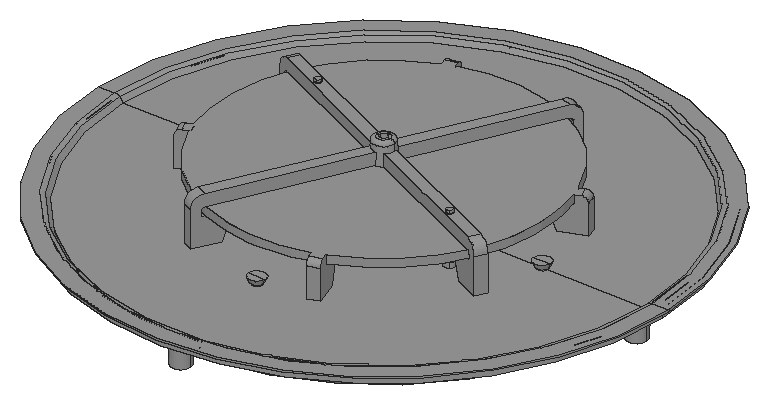
Revit family "MH-Primary_Updated", category Plumbing Fixtures, Revit 2020
Family settings
  Round Connector Dimension = Use Diameter
  Part Type = Normal
  OmniClass Number = 23.70.50.21.24.11
  OmniClass Title = Roof Waste Water Drains
  Work Plane-Based = No
  Always vertical = Yes
  Cut with Voids When Loaded = No
  Shared = No
  Room Calculation Point = No
Parameters (values of type "MH-301_3"Ø")
  r2 = (12.59843" - 11.14173") / 2  # 0.72835"
  od3 = 0.19497"
  od2 = od1 - 0.07874"  # 0.31496"
  od1 = 0.3937"
  max dia = 141/256"
  linearW = 3.54331"
  linearL = 1.65354"
  id3 = od3 / 2  # 0.09748"
  id1 = od1 / 2  # 0.19685"
  URL = "www.mifab.com"
  SC2 = SC1 / 1.5  # 0.11087"
  SC1 = 0.1663"
  RP2 = id1  # 0.19685"
  Model = "MH-401"
  Manufacturer = "MIFAB\r\n\r\nMIFAB\r\nMIFAB"
  Description = "3\" HydroMax Siphonic Overflow Roof Drain"
  Default Elevation = 0"
  C'1 = C' + 0.41339"  # 5.74803"
  C' = C / 2  # 5.33465"
  RP1 = od2 / 2  # 0.15748"
  R1 = 1.9685" / 9.375  # 0.20997"
  PIPE SIZE' = PIPE SIZE / 2  # 1 1/2"
  PIPE SIZE = 3"
  Material [instance] = Stainless Steel AISI 304
  D = 3.54331"
  C = 10.66929"
  B01 = B' - od1  # 8.52362"
  B' = B / 2  # 8.91732"
  B = 17.83465"
  A' = A / 2  # 9.68504"
  A = 19.37008"
Types (5): name | od3 | od2 | od1 | max dia | linearW | linearL | id3 | id1 | RP2 | Model | Description | C'1 | C' | RP1 | PIPE SIZE' | PIPE SIZE | D | C | B01 | B' | B | A' | A
  (no name) | 0.19497" | 0.31496" | 0.3937" | 141/256" | 3.54331" | 1.65354" | 0.09748" | 0.19685" | 0.19685" | "MH-401" | "3\" HydroMax Siphonic Overflow Roof Drain" | 5.74803" | 5.33465" | 0.15748" | 1 1/2" | 3" | 3.54331" | 10.66929" | 8.52362" | 8.91732" | 17.83465" | 9.68504" | 19.37008"
  MH-301_3"Ø | 0.19497" | 0.31496" | 0.3937" | 141/256" | 3.54331" | 1.65354" | 0.09748" | 0.19685" | 0.19685" | "MH-401" | "3\" HydroMax Siphonic Overflow Roof Drain" | 5.74803" | 5.33465" | 0.15748" | 1 1/2" | 3" | 3.54331" | 10.66929" | 8.52362" | 8.91732" | 17.83465" | 9.68504" | 19.37008"
  MH-401_4"Ø | 0.19497" | 0.3937" | 0.47244" | 141/256" | 3.93701" | 1.83071" | 0.09748" | 0.23622" | 0.23622" | "MH-401" | "4\" HydroMax Siphonic Overflow Roof Drain" | 6.51575" | 6.10236" | 0.19685" | 2" | 4" | 4.33071" | 12.20472" | 8.44488" | 8.91732" | 17.83465" | 9.68504" | 19.37008"
  MH-601_6"Ø | 0.27559" | 0.47244" | 0.55118" | 1 17/64" | 5.51181" | 2.55906" | 0.1378" | 0.27559" | 0.27559" | "MH-601" | "6\" HydroMax Siphonic Overflow Roof Drain" | 8.18898" | 7.77559" | 0.23622" | 3" | 6" | 4.72441" | 15.55118" | 10.59055" | 11.14173" | 22.28346" | 12.59843" | 25.19685"
  MH-501_5"Ø | 0.19497" | 0.3937" | 0.47244" | 141/256" | 3.93701" | 1.83071" | 0.09748" | 0.23622" | 0.23622" | "MH-501" | "5\" HydroMax Siphonic Overflow Roof Drain" | 6.51575" | 6.10236" | 0.19685" | 2 1/2" | 5" | 4.33071" | 12.20472" | 8.44488" | 8.91732" | 17.83465" | 9.68504" | 19.37008"
Reference planes (in)
  plane 1 "Center (Front/Back)": y = 0
  plane 2: z = 0
  plane 3 "Center (Left/Right)": x = 0
  plane 4: x = -8.91732
  plane 5: x = -1.5
  plane 6: z = -3.54331
  plane 7: x = -10.67639
  plane 8 "30.16": z = -1.1874
  plane 9: y = 8.91732
  plane 10: y = -8.91732
  plane 11: x = 8.91732
  plane 12: y = 8.52362
  plane 13: y = -8.52362
  plane 14: x = -8.52362
  plane 15: x = 8.52362
  plane 16: z = -1.50236
  plane 17: x = 5.33465
  plane 18: x = -5.33465
  plane 19: y = 5.33465
  plane 20: y = -5.33465
  plane 21: through (-3.9624, 1.85193, 47.24409) normal (0.4226, 0.9063, 0)
  plane 22: through (1.68821, 3.64509, 47.24409) normal (0.9063, -0.4226, 0)
  plane 23: through (0.00098, -0.00221, 47.24409) normal (0.342, -0.9397, 0)
  plane 24: through (0, 0, 47.24409) normal (0.9397, 0.342, 0)
  plane 25: x = 3.54331
  plane 26: y = -1.65354
  plane 27: through (27.53366, 1.85193, 47.24409) normal (0.4226, 0.9063, 0)
  plane 28: through (31.50514, 0, 47.24409) normal (-0.9063, 0.4226, 0)
  plane 29: z = 2.02323
Forms (in)
  Revolve 1, solid, material "Stainless Steel AISI 304" <- "Material"
    sketch origin (0, 0, 0) x (1, 0, 0) y (0, 0, 1)
      loop
        line (-1.5, -3.54331) -> (-1.38189, -3.54331) -> (-1.38189, -1.69291)
        arc (-1.38189, -1.69291) -> (-1.66812, -0.99713) -> (-2.36298, -0.70866) r 0.98109
        line (-2.36298, -0.70866) -> (-8.46127, -0.70866) -> (-8.86685, -0.1456)
        arc (-8.86685, -0.1456) -> (-8.99458, -0.06025) -> (-9.14524, -0.03028) r 0.3937
        line (-9.14524, -0.03028) -> (-9.37992, -0.03028) -> (-9.37992, -0.30588) -> (-9.22244, -0.30588)
        arc (-9.22244, -0.30588) -> (-9.06988, -0.23141) -> (-8.91732, -0.30588) r 0.19351
        line (-8.91732, -0.30588) -> (-8.50725, -0.82677) -> (-2.48425, -0.82677)
        arc (-2.48425, -0.82677) -> (-1.78828, -1.11505) -> (-1.5, -1.81102) r 0.98425
        line (-1.5, -1.81102) -> (-1.5, -3.54331)
      axis (0, -0.03028) -> (0, -3.54331)
    angle from 0 to 360
  Extrusion 2, void
    sketch origin (0, 0, 0) x (1, 0, 0) y (0, 1, 0)
      loop
        circle (0, 8.52362) r 0.19685
      loop
        circle (8.52362, 0) r 0.19685
      loop
        circle (-8.52362, 0) r 0.19685
      loop
        circle (0, -8.52362) r 0.19685
    from -1.9685 to -0.82677
  Revolve 3, solid, material "Stainless Steel AISI 304" <- "Material"
    sketch origin (0, 0, 0) x (1, 0, 0) y (0, 0, 1)
      loop
        line (-9.5889, -0.03028) -> (-9.03812, -0.03028)
        arc (-9.03812, -0.03028) -> (-8.97477, -0.04007) -> (-8.91732, -0.06851) r 0.20997
        line (-8.91732, -0.06851) -> (-8.80162, -0.22777) -> (0, -0.22777) -> (0, -0.1884) -> (-8.78156, -0.1884) -> (-8.88876, -0.04085)
        arc (-8.88876, -0.04085) -> (-8.95941, -0.00387) -> (-9.03812, 0.00889) r 0.24915
        line (-9.03812, 0.00889) -> (-9.5889, 0.00889) -> (-9.5889, -0.03028)
      axis (0, -0.22777) -> (0, 0.00889)
    angle from 0 to 360
  Revolve 4, void
    sketch origin (0, 0, 0) x (1, 0, 0) y (0, 0, 1)
      loop
        line (-5.33465, 0.00889) -> (-5.69075, 0.00889)
        arc (-5.69075, 0.00889) -> (-5.6605, -0.02595) -> (-5.64961, -0.07078) r 0.09771
        line (-5.64961, -0.07078) -> (-5.64961, -0.30588) -> (-5.33465, -0.30588) -> (-5.33465, 0.00889)
      axis (-5.33465, 0.00889) -> (-5.33465, -0.30588)
    angle from 0 to 360
  Revolve 5, void
    sketch origin (0, 0, 0) x (-1, 0, 0) y (0, 0, 1)
      loop
        line (-5.33465, 0.00889) -> (-5.69075, 0.00889)
        arc (-5.69075, 0.00889) -> (-5.6605, -0.02595) -> (-5.64961, -0.07078) r 0.09771
        line (-5.64961, -0.07078) -> (-5.64961, -0.30588) -> (-5.33465, -0.30588) -> (-5.33465, 0.00889)
      axis (-5.33465, 0.00889) -> (-5.33465, -0.30588)
    angle from 0 to 360
  Revolve 6, void
    sketch origin (-3.64173, -5.33465, 0) x (-1, 0, 0) y (0, 0, 1)
      loop
        line (-3.64173, 0.00889) -> (-4.03721, 0.00889)
        arc (-4.03721, 0.00889) -> (-4.00696, -0.02595) -> (-3.99606, -0.07078) r 0.09771
        line (-3.99606, -0.07078) -> (-3.99606, -0.30588) -> (-3.64173, -0.30588) -> (-3.64173, 0.00889)
      axis (-3.64173, 0.00889) -> (-3.64173, -0.30588)
    angle from 0 to 360
  Revolve 7, void
    sketch origin (-3.64173, 5.33465, 0) x (-1, 0, 0) y (0, 0, 1)
      loop
        line (-3.64173, 0.00889) -> (-4.03721, 0.00889)
        arc (-4.03721, 0.00889) -> (-4.00696, -0.02595) -> (-3.99606, -0.07078) r 0.09771
        line (-3.99606, -0.07078) -> (-3.99606, -0.30588) -> (-3.64173, -0.30588) -> (-3.64173, 0.00889)
      axis (-3.64173, 0.00889) -> (-3.64173, -0.30588)
    angle from 0 to 360
  Revolve 8, solid, material "Stainless Steel AISI 304" <- "Material"
    sketch origin (0, 0, 0) x (1, 0, 0) y (0, 0, 1)
      loop
        line (-5.61182, 0.00889) -> (-5.54483, -0.13565) -> (-5.50095, -0.13565) -> (-5.50095, -1.07116) -> (-5.46408, -1.10803) -> (-5.45193, -1.15338) -> (-5.41791, -1.1874) -> (-5.33465, -1.1874) -> (-5.33465, 0.00889) -> (-5.61182, 0.00889)
      axis (-5.33465, -1.1874) -> (-5.33465, 0.00889)
    angle from 0 to 360
  Revolve 9, solid, material "Stainless Steel AISI 304" <- "Material"
    sketch origin (0, 0, 0) x (-1, 0, 0) y (0, 0, 1)
      loop
        line (-5.61182, 0.00889) -> (-5.54483, -0.13565) -> (-5.50095, -0.13565) -> (-5.50095, -1.07116) -> (-5.46408, -1.10803) -> (-5.45193, -1.15338) -> (-5.41791, -1.1874) -> (-5.33465, -1.1874) -> (-5.33465, 0.00889) -> (-5.61182, 0.00889)
      axis (-5.33465, -1.1874) -> (-5.33465, 0.00889)
    angle from 0 to 360
  Revolve 10, solid, material "Stainless Steel AISI 304" <- "Material"
    sketch origin (-3.64173, -5.33465, 0) x (-1, 0, 0) y (0, 0, 1)
      loop
        line (-3.91891, 0.00889) -> (-3.85191, -0.13565) -> (-3.80804, -0.13565) -> (-3.80804, -1.07116) -> (-3.77117, -1.10803) -> (-3.75901, -1.15338) -> (-3.725, -1.1874) -> (-3.64173, -1.1874) -> (-3.64173, 0.00889) -> (-3.91891, 0.00889)
      axis (-3.64173, -1.1874) -> (-3.64173, 0.00889)
    angle from 0 to 360
  Revolve 11, solid, material "Stainless Steel AISI 304" <- "Material"
    sketch origin (-3.64173, 5.33465, 0) x (-1, 0, 0) y (0, 0, 1)
      loop
        line (-3.91891, 0.00889) -> (-3.85191, -0.13565) -> (-3.80804, -0.13565) -> (-3.80804, -1.07116) -> (-3.77117, -1.10803) -> (-3.75901, -1.15338) -> (-3.725, -1.1874) -> (-3.64173, -1.1874) -> (-3.64173, 0.00889) -> (-3.91891, 0.00889)
      axis (-3.64173, -1.1874) -> (-3.64173, 0.00889)
    angle from 0 to 360
  Revolve 12, solid, material "Stainless Steel AISI 304" <- "Material"
    sketch origin (0, 0, 0) x (0, -1, 0) y (0, 0, 1)
      loop
        line (-5.64402, -1.50493) -> (-5.33465, -1.50493) -> (-5.33465, -0.82677) -> (-5.78802, -0.82677)
        arc (-5.78802, -0.82677) -> (-5.7449, -0.85705) -> (-5.72835, -0.90707) r 0.08386
        line (-5.72835, -0.90707) -> (-5.68154, -1.47078)
        arc (-5.68154, -1.47078) -> (-5.66939, -1.49511) -> (-5.64402, -1.50493) r 0.03769
      axis (-5.33465, -1.50493) -> (-5.33465, -0.82677)
    angle from 0 to 360
  Revolve 13, solid, material "Stainless Steel AISI 304" <- "Material"
    sketch origin (5.33465, -7.77559, 0) x (0, -1, 0) y (0, 0, 1)
      loop
        line (-8.08496, -1.50493) -> (-7.77559, -1.50493) -> (-7.77559, -0.82677) -> (-8.22896, -0.82677)
        arc (-8.22896, -0.82677) -> (-8.18584, -0.85705) -> (-8.16929, -0.90707) r 0.08386
        line (-8.16929, -0.90707) -> (-8.12249, -1.47078)
        arc (-8.12249, -1.47078) -> (-8.11033, -1.49511) -> (-8.08496, -1.50493) r 0.03769
      axis (-7.77559, -1.50493) -> (-7.77559, -0.82677)
    angle from 0 to 360
  Revolve 14, solid, material "Stainless Steel AISI 304" <- "Material"
    sketch origin (0, 0, 0) x (1, 0, 0) y (0, 0, 1)
      loop
        arc (8.85568, -0.42226) -> (8.87954, -0.36038) -> (8.91732, -0.30588) r 0.27909
        line (8.91732, -0.30588) -> (8.52362, -0.30588) -> (8.52362, -1.1874) -> (8.83858, -1.1874) -> (8.85568, -0.42226)
      axis (8.52362, -1.1874) -> (8.52362, -0.30588)
    angle from 0 to 360
  Revolve 15, solid, material "Stainless Steel AISI 304" <- "Material"
    sketch origin (0, 0, 0) x (-1, 0, 0) y (0, 0, 1)
      loop
        arc (8.85129, -0.42524) -> (8.87699, -0.36204) -> (8.91732, -0.30702) r 0.27767
        line (8.91732, -0.30702) -> (8.52362, -0.30702) -> (8.52362, -1.30551) -> (8.83858, -1.30551) -> (8.85129, -0.42524)
      axis (8.52362, -1.30551) -> (8.52362, -0.30702)
    angle from 0 to 360
  Extrusion 16, solid, material "Stainless Steel AISI 304" <- "Material"
    sketch origin (-1.52233, 1.38829, 0) x (-0.422618, -0.906308, 0) y (0, 0, -1)
      loop
        line (-5.13701, -0.00889) -> (-5.13701, -1.18999)
        arc (-5.13701, -1.18999) -> (-5.0217, -1.46838) -> (-4.74331, -1.58369) r 0.3937
        line (-4.74331, -1.58369) -> (-3.71723, -1.58369)
        arc (-3.71723, -1.58369) -> (-3.67463, -1.56128) -> (-3.66897, -1.51347) r 0.05169
        line (-3.66897, -1.51347) -> (-3.74878, -1.30555)
        arc (-3.74878, -1.30555) -> (-3.81355, -1.2234) -> (-3.91346, -1.19237) r 0.1764
        line (-3.91346, -1.19237) -> (-4.7274, -1.19237)
        arc (-4.7274, -1.19237) -> (-4.82272, -1.15289) -> (-4.8622, -1.05757) r 0.1348
        line (-4.8622, -1.05757) -> (-4.8622, -0.92777) -> (-4.02904, -0.92777)
        arc (-4.02904, -0.92777) -> (-3.95244, -0.88747) -> (-3.94226, -0.80151) r 0.09295
        line (-3.94226, -0.80151) -> (-4.24652, -0.00889) -> (-5.13701, -0.00889)
    from 1.76357 to 2.14838
  Extrusion 17, solid, material "Stainless Steel AISI 304" <- "Material"
    sketch origin (1.37256, 1.52238, 0) x (-0.906308, 0.422618, 0) y (0, 0, -1)
      loop
        line (-5.13701, -0.00889) -> (-5.13701, -1.18999)
        arc (-5.13701, -1.18999) -> (-5.0217, -1.46838) -> (-4.74331, -1.58369) r 0.3937
        line (-4.74331, -1.58369) -> (-3.71723, -1.58369)
        arc (-3.71723, -1.58369) -> (-3.67463, -1.56128) -> (-3.66897, -1.51347) r 0.05169
        line (-3.66897, -1.51347) -> (-3.74878, -1.30555)
        arc (-3.74878, -1.30555) -> (-3.81355, -1.2234) -> (-3.91346, -1.19237) r 0.1764
        line (-3.91346, -1.19237) -> (-4.7274, -1.19237)
        arc (-4.7274, -1.19237) -> (-4.82272, -1.15289) -> (-4.8622, -1.05757) r 0.1348
        line (-4.8622, -1.05757) -> (-4.8622, -0.92777) -> (-4.02904, -0.92777)
        arc (-4.02904, -0.92777) -> (-3.95244, -0.88747) -> (-3.94226, -0.80151) r 0.09295
        line (-3.94226, -0.80151) -> (-4.24652, -0.00889) -> (-5.13701, -0.00889)
    from 1.76357 to 2.14838
  Extrusion 18, solid, material "Stainless Steel AISI 304" <- "Material"
    sketch origin (0.26502, 2.03883, 0) x (0.906308, -0.422618, 0) y (0, 0, 1)
      loop
        line (-5.13701, 0.00889) -> (-4.24652, 0.00889) -> (-3.94226, 0.80151)
        arc (-3.94226, 0.80151) -> (-3.95244, 0.88747) -> (-4.02904, 0.92777) r 0.09295
        line (-4.02904, 0.92777) -> (-4.8622, 0.92777) -> (-4.8622, 1.05757)
        arc (-4.8622, 1.05757) -> (-4.82272, 1.15289) -> (-4.7274, 1.19237) r 0.1348
        line (-4.7274, 1.19237) -> (-3.91346, 1.19237)
        arc (-3.91346, 1.19237) -> (-3.81355, 1.2234) -> (-3.74878, 1.30555) r 0.1764
        line (-3.74878, 1.30555) -> (-3.66897, 1.51347)
        arc (-3.66897, 1.51347) -> (-3.67463, 1.56128) -> (-3.71723, 1.58369) r 0.05169
        line (-3.71723, 1.58369) -> (-4.74331, 1.58369)
        arc (-4.74331, 1.58369) -> (-5.0217, 1.46838) -> (-5.13701, 1.18999) r 0.3937
        line (-5.13701, 1.18999) -> (-5.13701, 0.00889)
    from 1.76357 to 2.14838
  Extrusion 19, solid, material "Stainless Steel AISI 304" <- "Material"
    sketch origin (0.09564, -2.04927, 0) x (0.939693, 0.34202, 0) y (0, 0, -1)
      loop
        line (-5.13701, -0.00889) -> (-5.13701, -0.99552)
        arc (-5.13701, -0.99552) -> (-5.07936, -1.13472) -> (-4.94016, -1.19237) r 0.19685
        line (-4.94016, -1.19237) -> (-4.59944, -1.19237)
        arc (-4.59944, -1.19237) -> (-4.69476, -1.15289) -> (-4.73424, -1.05757) r 0.1348
        line (-4.73424, -1.05757) -> (-4.73424, -0.92777) -> (-4.02904, -0.92777)
        arc (-4.02904, -0.92777) -> (-3.95244, -0.88747) -> (-3.94226, -0.80151) r 0.09295
        line (-3.94226, -0.80151) -> (-4.24652, -0.00889) -> (-5.13701, -0.00889)
    from 1.76357 to 2.14838
  Extrusion 20, solid, material "Stainless Steel AISI 304" <- "Material"
    sketch origin (-2.03878, 0.28075, 0) x (0.422618, 0.906308, 0) y (0, 0, 1)
      loop
        line (-5.13701, 0.00889) -> (-4.24652, 0.00889) -> (-3.94226, 0.80151)
        arc (-3.94226, 0.80151) -> (-3.95244, 0.88747) -> (-4.02904, 0.92777) r 0.09295
        line (-4.02904, 0.92777) -> (-4.8622, 0.92777) -> (-4.8622, 1.05757)
        arc (-4.8622, 1.05757) -> (-4.82272, 1.15289) -> (-4.7274, 1.19237) r 0.1348
        line (-4.7274, 1.19237) -> (-3.91346, 1.19237)
        arc (-3.91346, 1.19237) -> (-3.81355, 1.2234) -> (-3.74878, 1.30555) r 0.1764
        line (-3.74878, 1.30555) -> (-3.66897, 1.51347)
        arc (-3.66897, 1.51347) -> (-3.67463, 1.56128) -> (-3.71723, 1.58369) r 0.05169
        line (-3.71723, 1.58369) -> (-4.74331, 1.58369)
        arc (-4.74331, 1.58369) -> (-5.0217, 1.46838) -> (-5.13701, 1.18999) r 0.3937
        line (-5.13701, 1.18999) -> (-5.13701, 0.00889)
    from 1.76357 to 2.14838
  Extrusion 21, solid, material "Stainless Steel AISI 304" <- "Material"
    sketch origin (-0.00697, 0.00917, 0) x (0.707107, 0.707107, 0) y (-0.707107, 0.707107, 0)
      loop
        circle (-0.00338, -0.01323) r 5.33465
    from 0.92777 to 1.19237
  Revolve 22, solid, material "Stainless Steel AISI 304" <- "Material"
    sketch origin (0, 0, 0) x (0, 1, 0) y (0, 0, 1)
      loop
        line (-5.64402, -1.50107) -> (-5.33465, -1.50107) -> (-5.33465, -0.82677) -> (-5.78802, -0.82677)
        arc (-5.78802, -0.82677) -> (-5.7449, -0.85705) -> (-5.72835, -0.90707) r 0.08386
        line (-5.72835, -0.90707) -> (-5.68163, -1.46575)
        arc (-5.68163, -1.46575) -> (-5.66982, -1.49085) -> (-5.64402, -1.50107) r 0.03769
      axis (-5.33465, -1.50107) -> (-5.33465, -0.82677)
    angle from 0 to 360
  Extrusion 23, solid, material "Stainless Steel AISI 304" <- "Material"
    sketch origin (0, 0, 0) x (1, 0, 0) y (0, 1, 0)
      loop
        line (-4.32895, 2.23516) -> (-4.49158, 1.88639) -> (4.31327, -2.21938) -> (4.4759, -1.87062) -> (-4.32895, 2.23516)
    from 1.19237 to 1.58369
  Extrusion 24, solid, material "Stainless Steel AISI 304" <- "Material"
    sketch origin (0.00005, 0.01573, 0) x (0, 1, 0) y (-1, 0, 0)
      loop
        line (4.31327, -2.21938) -> (4.4759, -1.87062) -> (-4.32895, 2.23516) -> (-4.49158, 1.88639) -> (4.31327, -2.21938)
    from 1.19237 to 1.58369
  Extrusion 25, solid, material "Stainless Steel AISI 304" <- "Material"
    sketch origin (2.04782, 0.09254, 0) x (-0.34202, 0.939693, 0) y (0, 0, -1)
      loop
        line (-5.13701, -0.00889) -> (-5.13701, -0.99552)
        arc (-5.13701, -0.99552) -> (-5.07936, -1.13472) -> (-4.94016, -1.19237) r 0.19685
        line (-4.94016, -1.19237) -> (-4.59944, -1.19237)
        arc (-4.59944, -1.19237) -> (-4.69476, -1.15289) -> (-4.73424, -1.05757) r 0.1348
        line (-4.73424, -1.05757) -> (-4.73424, -0.92777) -> (-4.02904, -0.92777)
        arc (-4.02904, -0.92777) -> (-3.95244, -0.88747) -> (-3.94226, -0.80151) r 0.09295
        line (-3.94226, -0.80151) -> (-4.24652, -0.00889) -> (-5.13701, -0.00889)
    from 1.76357 to 2.14838
  Extrusion 26, solid, material "Stainless Steel AISI 304" <- "Material"
    sketch origin (1.62986, 1.24088, 0) x (0.34202, -0.939693, 0) y (0, 0, 1)
      loop
        line (-5.13701, 0.00889) -> (-4.24652, 0.00889) -> (-3.94226, 0.80151)
        arc (-3.94226, 0.80151) -> (-3.95244, 0.88747) -> (-4.02904, 0.92777) r 0.09295
        line (-4.02904, 0.92777) -> (-4.73424, 0.92777) -> (-4.73424, 1.05757)
        arc (-4.73424, 1.05757) -> (-4.69476, 1.15289) -> (-4.59944, 1.19237) r 0.1348
        line (-4.59944, 1.19237) -> (-4.94016, 1.19237)
        arc (-4.94016, 1.19237) -> (-5.07936, 1.13472) -> (-5.13701, 0.99552) r 0.19685
        line (-5.13701, 0.99552) -> (-5.13701, 0.00889)
    from 1.76357 to 2.14838
  Extrusion 27, solid, material "Stainless Steel AISI 304" <- "Material"
    sketch origin (1.24398, -1.6313, 0) x (-0.939693, -0.34202, 0) y (0, 0, 1)
      loop
        line (-5.13701, 0.00889) -> (-4.24652, 0.00889) -> (-3.94226, 0.80151)
        arc (-3.94226, 0.80151) -> (-3.95244, 0.88747) -> (-4.02904, 0.92777) r 0.09295
        line (-4.02904, 0.92777) -> (-4.73424, 0.92777) -> (-4.73424, 1.05757)
        arc (-4.73424, 1.05757) -> (-4.69476, 1.15289) -> (-4.59944, 1.19237) r 0.1348
        line (-4.59944, 1.19237) -> (-4.94016, 1.19237)
        arc (-4.94016, 1.19237) -> (-5.07936, 1.13472) -> (-5.13701, 0.99552) r 0.19685
        line (-5.13701, 0.99552) -> (-5.13701, 0.00889)
    from 1.76357 to 2.14838
  Revolve 28, solid, material "Stainless Steel AISI 304" <- "Material"
    sketch origin (-5.33465, -7.77559, 0) x (0, -1, 0) y (0, 0, 1)
      loop
        line (-8.08496, -1.50493) -> (-7.77559, -1.50493) -> (-7.77559, -0.82677) -> (-8.22896, -0.82677)
        arc (-8.22896, -0.82677) -> (-8.18584, -0.85705) -> (-8.16929, -0.90707) r 0.08386
        line (-8.16929, -0.90707) -> (-8.12249, -1.47078)
        arc (-8.12249, -1.47078) -> (-8.11033, -1.49511) -> (-8.08496, -1.50493) r 0.03769
      axis (-7.77559, -1.50493) -> (-7.77559, -0.82677)
    angle from 0 to 360
  Revolve 29, solid, material "Stainless Steel AISI 304" <- "Material"
    sketch origin (0, 0, 0) x (1, 0, 0) y (0, 0, 1)
      loop
        line (-0.1378, 1.89029) -> (-0.22757, 1.89029)
        arc (-0.22757, 1.89029) -> (-0.31424, 1.85615) -> (-0.35435, 1.77207) r 0.12709
        line (-0.35435, 1.77207) -> (-0.41339, 0.92777) -> (-0.1378, 0.92777) -> (-0.1378, 1.89029)
      axis (0, 0.92777) -> (0, 1.89029)
    angle from 0 to 360
  Extrusion 30, solid, material "Stainless Steel AISI 304" <- "Material"
    sketch origin (0, 0, 0) x (1, 0, 0) y (0, 1, 0)
      loop
        circle (-3.54331, 1.65354) r 0.11087
    from 0 to 1.58369
  Extrusion 31, solid, material "Stainless Steel AISI 304" <- "Material"
    sketch origin (0, 0, 0) x (1, 0, 0) y (0, 1, 0)
      loop
        circle (-3.54331, 1.65354) r 0.09748
    from 1.58369 to 1.65396
  Extrusion 32, solid, material "Stainless Steel AISI 304" <- "Material"
    sketch origin (0, 0, 0) x (1, 0, 0) y (0, 1, 0)
      loop
        circle (-3.54331, 1.65354) r 0.19685
    from 0 to 0.14616
  Extrusion 33, solid, material "Stainless Steel AISI 304" <- "Material"
    sketch origin (-0.01892, 0.00882, 0) x (-0.642788, 0.766044, 0) y (-0.766044, -0.642788, 0)
      loop
        circle (-3.5632, -1.66028) r 0.11087
    from 0 to 1.58369
  Extrusion 34, solid, material "Stainless Steel AISI 304" <- "Material"
    sketch origin (-0.01892, 0.00882, 0) x (-0.642788, 0.766044, 0) y (-0.766044, -0.642788, 0)
      loop
        circle (-3.5632, -1.66028) r 0.09748
    from 1.58369 to 1.65396
  Extrusion 35, solid, material "Stainless Steel AISI 304" <- "Material"
    sketch origin (-0.01892, 0.00882, 0) x (-0.642788, 0.766044, 0) y (-0.766044, -0.642788, 0)
      loop
        circle (-3.5632, -1.66028) r 0.19685
    from 0 to 0.14616
  Revolve 36, solid, material "Stainless Steel AISI 304" <- "Material"
    sketch origin (5.49213, 8.52362, 0) x (-1, 0, 0) y (0, 0, 1)
      loop
        arc (5.81041, -0.4128) -> (5.83851, -0.33845) -> (5.88583, -0.27459) r 0.28864
        line (5.88583, -0.27459) -> (5.49213, -0.27459) -> (5.49213, -1.30551) -> (5.80709, -1.30551) -> (5.81041, -0.4128)
      axis (5.49213, -1.30551) -> (5.49213, -0.27459)
    angle from 0 to 360
  Revolve 37, solid, material "Stainless Steel AISI 304" <- "Material"
    sketch origin (10.57418, -8.52362, 0) x (-1, 0, 0) y (0, 0, 1)
      loop
        arc (10.90624, -0.42226) -> (10.9301, -0.36038) -> (10.96788, -0.30588) r 0.27909
        line (10.96788, -0.30588) -> (10.57418, -0.30588) -> (10.57418, -1.22677) -> (10.88914, -1.22677) -> (10.90624, -0.42226)
      axis (10.57418, -1.22677) -> (10.57418, -0.30588)
    angle from 0 to 360
Cuts and joins
  Revolve 4 cuts Revolve 3
  Revolve 4 cuts Revolve 1
  Extrusion 2 cuts Revolve 14
  Extrusion 2 cuts Revolve 15
  joined: Extrusion 16, Extrusion 17, Extrusion 18, Extrusion 20, Extrusion 23, Extrusion 24
  Extrusion 2 cuts Revolve 36
  Extrusion 2 cuts Revolve 37
  joined: Extrusion 19, Extrusion 21, Extrusion 25, Extrusion 26, Extrusion 27
Lines and regions (in)
  model lines
    curve 1: circle (0, 0, 0) r 5.88583 normal (0, 0, 1)
    curve 2: circle (0, 0, 0) r 6.10236 normal (0, 0, 1)
    curve 3: circle (0, 0, 0) r 3.64173 normal (0, 0, 1)
    curve 4: circle (0, -0.00257, 0) r 3.05103 normal (0, 0, 1)
    curve 7: circle (0, 0, 0) r 5.88583 normal (0, 0, 1)
  reference lines
    curve 5: line (-3.54331, 2.47005, 0) -> (-3.54331, -1.17383, 0)
    curve 6: line (-1.54238, 1.65354, 0) -> (3.03728, 1.65354, 0)
Dimensions and locks (in)
  "B'": plane 4 to plane 3 "Center (Left/Right)"  (x2)
  "PIPE SIZE'": plane 3 "Center (Left/Right)" to plane 5
  "D": level to plane 6
  Revolve 1 sketch curve to Revolve 1 sketch curve = 0.11811"
  locked: Revolve 1 sketch curve to Revolve 1 sketch curve at 0.27559
  "RP1": Revolve 1 sketch curve to Revolve 1 sketch curve
  locked: level to plane 8 "30.16" at 1.1874
  "B'": plane 10 to plane 1 "Center (Front/Back)"
  "B'": plane 9 to plane 1 "Center (Front/Back)"
  "B'": plane 11 to plane 3 "Center (Left/Right)"
  "B01": plane 12 to plane 1 "Center (Front/Back)"
  "B01": plane 1 "Center (Front/Back)" to plane 13
  "B01": plane 3 "Center (Left/Right)" to plane 15
  "B01": plane 14 to plane 3 "Center (Left/Right)"
  locked: Revolve 3 sketch curve to Revolve 3 sketch curve at 0.03937
  plane 8 "30.16" to plane 16 = 0.31496"
  "C'": plane 3 "Center (Left/Right)" to plane 17
  "C'": plane 18 to plane 3 "Center (Left/Right)"
  "od2": Revolve 4 sketch curve to Revolve 4 sketch curve
  "od2": plane 17 to Revolve 5 sketch curve
  "C'": plane 1 "Center (Front/Back)" to plane 19
  "C'": plane 20 to plane 1 "Center (Front/Back)"
  "SC1": Revolve 8 sketch curve to Revolve 8 sketch curve
  "SC2": Revolve 8 sketch curve to Revolve 8 sketch curve
  "SC1": Revolve 9 sketch curve to Revolve 9 sketch curve
  "SC2": Revolve 9 sketch curve to Revolve 9 sketch curve
  "SC1": Revolve 10 sketch curve to Revolve 10 sketch curve
  "SC2": Revolve 10 sketch curve to Revolve 10 sketch curve
  "SC1": Revolve 11 sketch curve to Revolve 11 sketch curve
  "SC2": Revolve 11 sketch curve to Revolve 11 sketch curve
  "od1": Revolve 12 sketch curve to Revolve 12 sketch curve
  "od1": Revolve 13 sketch curve to Revolve 13 sketch curve
  "od1": Revolve 14 sketch curve to plane 15
  "RP2": plane 16 to cut or joined group of Extrusion 2, Revolve 15
  "C'1": plane 22 to Extrusion 17
  "C'1": plane 22 to Extrusion 18
  "C'1": plane 24 to Extrusion 19
  "C'1": plane 21 to Extrusion 16
  "C'1": plane 21 to Extrusion 20
  "od1": Revolve 22 sketch curve to Revolve 22 sketch curve
  "C'1": plane 23 to Extrusion 25
  "C'1": plane 23 to Extrusion 26
  "C'1": plane 24 to Extrusion 27
  "od1": Revolve 28 sketch curve to Revolve 28 sketch curve
  "linearL": plane 1 "Center (Front/Back)" to curve 6
  "linearW": curve 5 to plane 3 "Center (Left/Right)"
  "linearL": plane 1 "Center (Front/Back)" to plane 26
  "linearW": plane 3 "Center (Left/Right)" to plane 25
  "od1": Revolve 36 sketch curve to Revolve 36 sketch curve
  "od2": Revolve 36 sketch curve to Revolve 36 sketch curve
  "od1": Revolve 37 sketch curve to Revolve 37 sketch curve
  "od2": Revolve 37 sketch curve to Revolve 37 sketch curve
  "od2": Revolve 14 sketch curve to Revolve 14 sketch curve
  "od1": Revolve 15 sketch curve to Revolve 15 sketch curve
  "od2": Revolve 15 sketch curve to Revolve 15 sketch curve
  plane 29 to level = 2.02323"
  "max dia": Revolve 3 sketch curve to Revolve 3 sketch curve
  "id1": radius of Extrusion 2 sketch curve  (x4)
  "R1": radius of Revolve 3 sketch curve
  radius of Extrusion 21 sketch curve = 5.33465"
  "C'": radius of Extrusion 21 sketch curve
  "id1": radius of Extrusion 32 sketch curve
  "id3": radius of Extrusion 31 sketch curve
  "SC2": radius of Extrusion 30 sketch curve
  "id1": radius of Extrusion 35 sketch curve
  "id3": radius of Extrusion 34 sketch curve
  "SC2": radius of Extrusion 33 sketch curve
  angle plane 22 to plane 3 "Center (Left/Right)" = 25.00°
  angle plane 21 to plane 22 = 90.00°
  locked: plane 21 to plane 3 "Center (Left/Right)" (angle 115.00°)
  angle plane 23 to plane 22 = 45.00°
  aligned and locked: plane 5 to Revolve 1 sketch curve
  aligned and locked: plane 2 to Revolve 1 sketch curve
  aligned and locked: Revolve 1 sketch curve to plane 3 "Center (Left/Right)"
  aligned and locked: plane 4 to Revolve 1 sketch curve
  aligned and locked: plane 12 to Extrusion 2 sketch curve
  aligned and locked: plane 3 "Center (Left/Right)" to Extrusion 2 sketch curve  (x2)
  aligned and locked: plane 15 to Extrusion 2 sketch curve
  aligned and locked: plane 1 "Center (Front/Back)" to Extrusion 2 sketch curve  (x2)
  aligned and locked: Revolve 3 sketch curve to Revolve 1  (x2)
  aligned and locked: Revolve 3 sketch curve to plane 3 "Center (Left/Right)"
  aligned and locked: Revolve 4 sketch curve to plane 18
  aligned and locked: Revolve 4 sketch curve to Revolve 3
  aligned and locked: plane 19 to Revolve 7
  aligned and locked: plane 20 to Revolve 6
  aligned and locked: plane 18 to Revolve 8 sketch curve
  aligned and locked: Revolve 8 sketch curve to Revolve 8 sketch curve
  aligned and locked: Revolve 9 sketch curve to Revolve 9 sketch curve
  aligned and locked: Revolve 10 sketch curve to Revolve 10 sketch curve
  aligned and locked: plane 20 to Revolve 10
  aligned and locked: Revolve 11 sketch curve to Revolve 11 sketch curve
  aligned and locked: plane 19 to Revolve 11
  aligned and locked: Revolve 12 sketch curve to Revolve 12 sketch curve
  aligned and locked: Revolve 13 sketch curve to Revolve 13 sketch curve
  aligned and locked: plane 17 to Revolve 13
  aligned and locked: plane 15 to Revolve 14 sketch curve
  aligned and locked: plane 8 "30.16" to Revolve 14 sketch curve
  aligned and locked: Revolve 14 sketch curve to Revolve 14 sketch curve  (x2)
  aligned and locked: Revolve 15 sketch curve to Revolve 15 sketch curve  (x2)
  aligned and locked: Revolve 22 sketch curve to Revolve 22 sketch curve
  aligned and locked: Extrusion 18 to Extrusion 23 sketch curve
  aligned and locked: Extrusion 23 sketch curve to Extrusion 17  (x2)
  aligned and locked: Revolve 28 sketch curve to Revolve 28 sketch curve
  aligned and locked: plane 18 to Revolve 28
  aligned and locked: plane 3 "Center (Left/Right)" to Revolve 29 sketch curve
  aligned and locked: Extrusion 24 sketch curve to Extrusion 16
  aligned and locked: Extrusion 24 sketch curve to Extrusion 20  (x3)
  aligned and locked: Extrusion 30 sketch curve to curve 6
  aligned and locked: curve 5 to Extrusion 30 sketch curve
  aligned and locked: Extrusion 30 to Extrusion 18
  aligned and locked: plane 14 to Extrusion 2 sketch curve
  aligned and locked: Extrusion 31 sketch curve to curve 6
  aligned and locked: curve 5 to Extrusion 31 sketch curve
  aligned and locked: curve 5 to Extrusion 32 sketch curve
  aligned and locked: Extrusion 32 sketch curve to curve 6
  aligned and locked: plane 26 to Extrusion 35 sketch curve
  aligned and locked: plane 25 to Extrusion 35 sketch curve
  aligned and locked: plane 25 to Extrusion 34 sketch curve
  aligned and locked: plane 26 to Extrusion 34 sketch curve
  aligned and locked: plane 25 to Extrusion 33 sketch curve
  aligned and locked: plane 26 to Extrusion 33 sketch curve
  aligned and locked: plane 13 to Extrusion 2 sketch curve
  aligned and locked: Revolve 36 sketch curve to Revolve 36 sketch curve  (x2)
  aligned and locked: plane 12 to cut or joined group of Extrusion 2, Revolve 36  (x2)
  aligned and locked: Revolve 37 sketch curve to Revolve 37 sketch curve  (x2)
  aligned and locked: plane 13 to Revolve 37
  aligned and locked: Revolve 36 sketch curve to plane 3 "Center (Left/Right)"
  aligned and locked: plane 3 "Center (Left/Right)" to Revolve 37 sketch curve
  aligned and locked: plane 14 to Revolve 15 sketch curve
Automatic sketch dimensions
  curve 1 to curve 2 = 0"  (x2)
  curve 1 to curve 3 = 0"
  curve 1 to curve 7 = 0"
  curve 2 to curve 3 = 0"
  curve 2 to curve 7 = 0"
  plane 1 "Center (Front/Back)" to curve 2 = 0"
  curve 2 to plane 3 "Center (Left/Right)" = 0"
  curve 4 to plane 3 "Center (Left/Right)" = 0"
  plane 23 to curve 4 = 0"
  Revolve 6 sketch curve to plane 3 "Center (Left/Right)" = 0"  (x2)
  Revolve 6 sketch curve to Revolve 6 sketch curve = 0.35433"
  Revolve 6 sketch curve to level = 0.00889"
  Revolve 6 sketch curve to Revolve 6 sketch curve = 0.04114"
  level to Revolve 6 sketch curve = 0.07078"
  Revolve 6 sketch curve to Revolve 6 sketch curve = 0.23509"
  plane 16 to Revolve 6 sketch curve = 139/256"
  Revolve 6 sketch curve to Revolve 6 sketch curve = 0.22923"
  Revolve 7 sketch curve to plane 3 "Center (Left/Right)" = 0"  (x2)
  plane 3 "Center (Left/Right)" to Revolve 7 sketch curve = 0.35433"
  level to Revolve 7 sketch curve = 0.00889"
  Revolve 7 sketch curve to Revolve 7 sketch curve = 0.04114"
  Revolve 7 sketch curve to level = 0.07078"
  Revolve 7 sketch curve to Revolve 7 sketch curve = 0.23509"
  Revolve 7 sketch curve to plane 16 = 139/256"
  Revolve 7 sketch curve to Revolve 7 sketch curve = 0.22923"
  level to Extrusion 16 sketch curve = 0.00889"
  plane 21 to Extrusion 16 sketch curve = 5.74803"
  Extrusion 16 sketch curve to Extrusion 16 sketch curve = 0.27481"
  Extrusion 16 sketch curve to Extrusion 16 sketch curve = 0.11889"
  Extrusion 16 sketch curve to Extrusion 16 sketch curve = 0.01591"
  Extrusion 16 sketch curve to Extrusion 16 sketch curve = 0.89049"
  Extrusion 16 sketch curve to Extrusion 16 sketch curve = 0.69837"
  level to Extrusion 16 sketch curve = 0.80151"
  Extrusion 16 sketch curve to Extrusion 16 sketch curve = 0.08677"
  Extrusion 16 sketch curve to Extrusion 16 sketch curve = 0.11557"
  level to Extrusion 16 sketch curve = 1.30555"
  Extrusion 16 sketch curve to Extrusion 16 sketch curve = 0.16468"
  Extrusion 16 sketch curve to Extrusion 16 sketch curve = 0.03155"
  level to Extrusion 16 sketch curve = 1.51347"
  Extrusion 16 sketch curve to Extrusion 16 sketch curve = 0.04826"
  Extrusion 16 sketch curve to Extrusion 16 sketch curve = 0.01853"
  Extrusion 16 sketch curve to Extrusion 16 sketch curve = 0.06322"
  Extrusion 16 sketch curve to Extrusion 16 sketch curve = 0.12981"
  level to Extrusion 17 sketch curve = 0.00889"
  plane 22 to Extrusion 17 sketch curve = 5.74803"
  Extrusion 17 sketch curve to Extrusion 17 sketch curve = 0.27481"
  Extrusion 17 sketch curve to Extrusion 17 sketch curve = 0.11889"
  Extrusion 17 sketch curve to Extrusion 17 sketch curve = 0.01591"
  Extrusion 17 sketch curve to Extrusion 17 sketch curve = 0.89049"
  Extrusion 17 sketch curve to Extrusion 17 sketch curve = 0.69837"
  level to Extrusion 17 sketch curve = 0.80151"
  Extrusion 17 sketch curve to Extrusion 17 sketch curve = 0.08677"
  Extrusion 17 sketch curve to Extrusion 17 sketch curve = 0.11557"
  level to Extrusion 17 sketch curve = 1.30555"
  Extrusion 17 sketch curve to Extrusion 17 sketch curve = 0.16468"
  Extrusion 17 sketch curve to Extrusion 17 sketch curve = 0.03155"
  level to Extrusion 17 sketch curve = 1.51347"
  Extrusion 17 sketch curve to Extrusion 17 sketch curve = 0.04826"
  Extrusion 17 sketch curve to Extrusion 17 sketch curve = 0.01853"
  Extrusion 17 sketch curve to Extrusion 17 sketch curve = 0.06322"
  Extrusion 17 sketch curve to Extrusion 17 sketch curve = 0.12981"
  level to Extrusion 18 sketch curve = 0.00889"
  Extrusion 18 sketch curve to plane 22 = 5.74803"
  Extrusion 18 sketch curve to Extrusion 18 sketch curve = 0.27481"
  Extrusion 18 sketch curve to Extrusion 18 sketch curve = 0.11889"
  Extrusion 18 sketch curve to Extrusion 18 sketch curve = 0.01591"
  Extrusion 18 sketch curve to Extrusion 18 sketch curve = 0.89049"
  Extrusion 18 sketch curve to Extrusion 18 sketch curve = 0.69837"
  level to Extrusion 18 sketch curve = 0.80151"
  Extrusion 18 sketch curve to Extrusion 18 sketch curve = 0.08677"
  Extrusion 18 sketch curve to Extrusion 18 sketch curve = 0.11557"
  level to Extrusion 18 sketch curve = 1.30555"
  Extrusion 18 sketch curve to Extrusion 18 sketch curve = 0.16468"
  Extrusion 18 sketch curve to Extrusion 18 sketch curve = 0.03155"
  level to Extrusion 18 sketch curve = 1.51347"
  Extrusion 18 sketch curve to Extrusion 18 sketch curve = 0.04826"
  Extrusion 18 sketch curve to Extrusion 18 sketch curve = 0.03331"
  Extrusion 18 sketch curve to Extrusion 18 sketch curve = 0.12981"
  Extrusion 18 sketch curve to Extrusion 18 sketch curve = 0.13242"
  level to Extrusion 19 sketch curve = 0.00889"
  Extrusion 19 sketch curve to plane 24 = 5.74803"
  Extrusion 19 sketch curve to Extrusion 19 sketch curve = 0.19685"
  Extrusion 19 sketch curve to Extrusion 19 sketch curve = 0.20592"
  Extrusion 19 sketch curve to Extrusion 19 sketch curve = 0.1348"
  Extrusion 19 sketch curve to Extrusion 19 sketch curve = 0.89049"
  Extrusion 19 sketch curve to Extrusion 19 sketch curve = 0.5704"
  level to Extrusion 19 sketch curve = 0.80151"
  Extrusion 19 sketch curve to Extrusion 19 sketch curve = 0.08677"
  Extrusion 19 sketch curve to Extrusion 19 sketch curve = 0.03331"
  Extrusion 19 sketch curve to Extrusion 19 sketch curve = 0.06775"
  level to Extrusion 20 sketch curve = 0.00889"
  Extrusion 20 sketch curve to plane 21 = 5.74803"
  Extrusion 20 sketch curve to Extrusion 20 sketch curve = 0.27481"
  Extrusion 20 sketch curve to Extrusion 20 sketch curve = 0.11889"
  Extrusion 20 sketch curve to Extrusion 20 sketch curve = 0.01591"
  Extrusion 20 sketch curve to Extrusion 20 sketch curve = 0.89049"
  Extrusion 20 sketch curve to Extrusion 20 sketch curve = 0.69837"
  level to Extrusion 20 sketch curve = 0.80151"
  Extrusion 20 sketch curve to Extrusion 20 sketch curve = 0.08677"
  Extrusion 20 sketch curve to Extrusion 20 sketch curve = 0.11557"
  level to Extrusion 20 sketch curve = 1.30555"
  Extrusion 20 sketch curve to Extrusion 20 sketch curve = 0.16468"
  Extrusion 20 sketch curve to Extrusion 20 sketch curve = 0.03155"
  level to Extrusion 20 sketch curve = 1.51347"
  Extrusion 20 sketch curve to Extrusion 20 sketch curve = 0.04826"
  Extrusion 20 sketch curve to Extrusion 20 sketch curve = 0.03331"
  Extrusion 20 sketch curve to Extrusion 20 sketch curve = 0.12981"
  Extrusion 20 sketch curve to Extrusion 20 sketch curve = 0.13242"
  Extrusion 23 sketch curve to Extrusion 23 sketch curve = 0.16263"
  level to Extrusion 25 sketch curve = 0.00889"
  plane 23 to Extrusion 25 sketch curve = 5.74803"
  Extrusion 25 sketch curve to Extrusion 25 sketch curve = 0.19685"
  Extrusion 25 sketch curve to Extrusion 25 sketch curve = 0.20592"
  Extrusion 25 sketch curve to Extrusion 25 sketch curve = 0.1348"
  Extrusion 25 sketch curve to Extrusion 25 sketch curve = 0.89049"
  Extrusion 25 sketch curve to Extrusion 25 sketch curve = 0.5704"
  level to Extrusion 25 sketch curve = 0.80151"
  Extrusion 25 sketch curve to Extrusion 25 sketch curve = 0.08677"
  Extrusion 25 sketch curve to Extrusion 25 sketch curve = 0.03331"
  Extrusion 25 sketch curve to Extrusion 25 sketch curve = 0.06775"
  level to Extrusion 26 sketch curve = 0.00889"
  Extrusion 26 sketch curve to plane 23 = 5.74803"
  Extrusion 26 sketch curve to Extrusion 26 sketch curve = 0.19685"
  Extrusion 26 sketch curve to Extrusion 26 sketch curve = 0.20592"
  Extrusion 26 sketch curve to Extrusion 26 sketch curve = 0.1348"
  Extrusion 26 sketch curve to Extrusion 26 sketch curve = 0.89049"
  Extrusion 26 sketch curve to Extrusion 26 sketch curve = 0.5704"
  level to Extrusion 26 sketch curve = 0.80151"
  Extrusion 26 sketch curve to Extrusion 26 sketch curve = 0.08677"
  Extrusion 26 sketch curve to Extrusion 26 sketch curve = 0.03331"
  Extrusion 26 sketch curve to Extrusion 26 sketch curve = 0.06775"
  level to Extrusion 27 sketch curve = 0.00889"
  plane 24 to Extrusion 27 sketch curve = 5.74803"
  Extrusion 27 sketch curve to Extrusion 27 sketch curve = 0.19685"
  Extrusion 27 sketch curve to Extrusion 27 sketch curve = 0.20592"
  Extrusion 27 sketch curve to Extrusion 27 sketch curve = 0.1348"
  Extrusion 27 sketch curve to Extrusion 27 sketch curve = 0.89049"
  Extrusion 27 sketch curve to Extrusion 27 sketch curve = 0.5704"
  level to Extrusion 27 sketch curve = 0.80151"
  Extrusion 27 sketch curve to Extrusion 27 sketch curve = 0.08677"
  Extrusion 27 sketch curve to Extrusion 27 sketch curve = 0.03331"
  Extrusion 27 sketch curve to Extrusion 27 sketch curve = 0.06775"
  Revolve 29 sketch curve to Revolve 29 sketch curve = 0.1378"
  Revolve 29 sketch curve to Revolve 29 sketch curve = 0.08977"
  Revolve 29 sketch curve to Revolve 29 sketch curve = 0.12678"
  Revolve 29 sketch curve to Revolve 29 sketch curve = 0.27559"
  level to Revolve 29 sketch curve = 0.92777"
  Revolve 29 sketch curve to Revolve 29 sketch curve = 0.83544"
  Revolve 29 sketch curve to Revolve 29 sketch curve = 0.00887"
  Revolve 29 sketch curve to Revolve 29 sketch curve = 0"
  Revolve 29 sketch curve to Revolve 29 sketch curve = 0.14559"
  Revolve 1 sketch curve to plane 6 = 0"
  Revolve 1 sketch curve to plane 4 = 0.15256"
  Revolve 1 sketch curve to Revolve 1 sketch curve = 0.07536"
  Revolve 1 sketch curve to Revolve 1 sketch curve = 0.0772"
  plane 4 to Revolve 1 sketch curve = 0.05047"
  plane 14 to Revolve 1 sketch curve = 0.01637"
  plane 14 to Revolve 1 sketch curve = 0.06235"
  plane 8 "30.16" to Revolve 1 sketch curve = 0.36063"
  Revolve 1 sketch curve to plane 5 = 0.98425"
  Revolve 1 sketch curve to Revolve 1 sketch curve = 0.12128"
  Revolve 1 sketch curve to Revolve 1 sketch curve = 0.11811"
  Revolve 1 sketch curve to Revolve 1 sketch curve = 0.12127"
  Revolve 1 sketch curve to level = 0.42492"
  Revolve 1 sketch curve to Revolve 1 sketch curve = 0.00093"
  Revolve 1 sketch curve to level = 0.30588"
  Revolve 1 sketch curve to plane 6 = 1.02362"
  Extrusion 2 sketch curve to plane 14 = 0"
  Revolve 3 sketch curve to Revolve 3 sketch curve = 0"  (x2)
  Revolve 3 sketch curve to plane 4 = 0"
  Revolve 3 sketch curve to plane 3 "Center (Left/Right)" = 0"
  Revolve 3 sketch curve to plane 4 = 0.1208"
  plane 4 to Revolve 3 sketch curve = 0.02856"
  plane 4 to Revolve 3 sketch curve = 0.11571"
  Revolve 3 sketch curve to Revolve 3 sketch curve = 0.02006"
  Revolve 3 sketch curve to Revolve 3 sketch curve = 0.15926"
  Revolve 3 sketch curve to Revolve 3 sketch curve = 0.02767"
  level to Revolve 3 sketch curve = 0.56027"
  Revolve 4 sketch curve to plane 18 = 0"
  Revolve 4 sketch curve to Revolve 4 sketch curve = 0.04114"
  Revolve 4 sketch curve to level = 0.07078"
  Revolve 4 sketch curve to Revolve 4 sketch curve = 0.23509"
  Revolve 4 sketch curve to plane 16 = 139/256"
  Revolve 4 sketch curve to Revolve 4 sketch curve = 0.22923"
  Revolve 5 sketch curve to plane 17 = 0"  (x2)
  Revolve 5 sketch curve to level = 0.00889"
  Revolve 5 sketch curve to Revolve 5 sketch curve = 0.04114"
  level to Revolve 5 sketch curve = 0.07078"
  Revolve 5 sketch curve to Revolve 5 sketch curve = 0.23509"
  plane 16 to Revolve 5 sketch curve = 139/256"
  Revolve 5 sketch curve to Revolve 5 sketch curve = 0.22923"
  Revolve 8 sketch curve to plane 8 "30.16" = 0"
  Revolve 8 sketch curve to plane 18 = 0"
  Revolve 8 sketch curve to Revolve 8 sketch curve = 0.04388"
  Revolve 8 sketch curve to Revolve 8 sketch curve = 0.03687"  (x2)
  plane 8 "30.16" to Revolve 8 sketch curve = 0.03402"
  Revolve 8 sketch curve to Revolve 8 sketch curve = 0.01215"
  Revolve 8 sketch curve to Revolve 8 sketch curve = 0.03402"
  Revolve 8 sketch curve to Revolve 8 sketch curve = 0.04536"
  Revolve 8 sketch curve to level = 0.13565"
  level to Revolve 8 sketch curve = 0.00889"
  Revolve 8 sketch curve to Revolve 8 sketch curve = 0.29125"
  Revolve 9 sketch curve to plane 8 "30.16" = 0"
  Revolve 9 sketch curve to plane 17 = 0"  (x2)
  Revolve 9 sketch curve to Revolve 9 sketch curve = 0.04388"
  Revolve 9 sketch curve to Revolve 9 sketch curve = 0.03687"  (x2)
  Revolve 9 sketch curve to plane 8 "30.16" = 0.03402"
  Revolve 9 sketch curve to Revolve 9 sketch curve = 0.01215"
  Revolve 9 sketch curve to Revolve 9 sketch curve = 0.03402"
  Revolve 9 sketch curve to Revolve 9 sketch curve = 0.04536"
  level to Revolve 9 sketch curve = 0.13565"
  Revolve 9 sketch curve to level = 0.00889"
  Revolve 9 sketch curve to Revolve 9 sketch curve = 0.29125"
  Revolve 10 sketch curve to plane 8 "30.16" = 0"
  Revolve 10 sketch curve to plane 3 "Center (Left/Right)" = 0"  (x2)
  Revolve 10 sketch curve to Revolve 10 sketch curve = 0.04388"
  Revolve 10 sketch curve to Revolve 10 sketch curve = 0.03687"  (x2)
  Revolve 10 sketch curve to plane 8 "30.16" = 0.03402"
  Revolve 10 sketch curve to Revolve 10 sketch curve = 0.01215"
  Revolve 10 sketch curve to Revolve 10 sketch curve = 0.03402"
  Revolve 10 sketch curve to Revolve 10 sketch curve = 0.04536"
  level to Revolve 10 sketch curve = 0.13565"
  Revolve 10 sketch curve to level = 0.00889"
  Revolve 10 sketch curve to Revolve 10 sketch curve = 0.29125"
  Revolve 11 sketch curve to plane 8 "30.16" = 0"
  Revolve 11 sketch curve to plane 3 "Center (Left/Right)" = 0"  (x2)
  Revolve 11 sketch curve to Revolve 11 sketch curve = 0.04388"
  Revolve 11 sketch curve to Revolve 11 sketch curve = 0.03687"  (x2)
  plane 8 "30.16" to Revolve 11 sketch curve = 0.03402"
  Revolve 11 sketch curve to Revolve 11 sketch curve = 0.01215"
  Revolve 11 sketch curve to Revolve 11 sketch curve = 0.03402"
  Revolve 11 sketch curve to Revolve 11 sketch curve = 0.04536"
  Revolve 11 sketch curve to level = 0.13565"
  level to Revolve 11 sketch curve = 0.00889"
  Revolve 11 sketch curve to Revolve 11 sketch curve = 0.29125"
  Revolve 12 sketch curve to plane 19 = 0"
  Revolve 12 sketch curve to plane 8 "30.16" = 0"
  Revolve 12 sketch curve to Revolve 12 sketch curve = 0.05967"
  Revolve 12 sketch curve to Revolve 12 sketch curve = 0.08386"
  Revolve 12 sketch curve to plane 16 = 0.03158"
  Revolve 12 sketch curve to plane 19 = 0.3469"
  plane 16 to Revolve 12 sketch curve = 0.00256"
  Revolve 12 sketch curve to Revolve 12 sketch curve = 0.03752"
  Revolve 12 sketch curve to plane 8 "30.16" = 0.28033"
  Revolve 12 sketch curve to Revolve 12 sketch curve = 0.22992"
  Revolve 13 sketch curve to plane 1 "Center (Front/Back)" = 0"
  Revolve 13 sketch curve to plane 8 "30.16" = 0"
  Revolve 13 sketch curve to Revolve 13 sketch curve = 0.05967"
  Revolve 13 sketch curve to Revolve 13 sketch curve = 0.08386"
  Revolve 13 sketch curve to plane 16 = 0.03158"
  plane 1 "Center (Front/Back)" to Revolve 13 sketch curve = 0.3469"
  plane 16 to Revolve 13 sketch curve = 0.00256"
  Revolve 13 sketch curve to Revolve 13 sketch curve = 0.03752"
  Revolve 13 sketch curve to plane 8 "30.16" = 0.28033"
  Revolve 13 sketch curve to Revolve 13 sketch curve = 0.22992"
  Revolve 14 sketch curve to plane 11 = 0.06164"
  plane 11 to Revolve 14 sketch curve = 0.20885"
  Revolve 14 sketch curve to level = 0.49101"
  Revolve 14 sketch curve to Revolve 14 sketch curve = 0.06874"
  level to Revolve 14 sketch curve = 0.22478"
  Revolve 15 sketch curve to plane 4 = 0.06603"
  plane 4 to Revolve 15 sketch curve = 0.20209"
  plane 8 "30.16" to Revolve 15 sketch curve = 0.11811"
  level to Revolve 15 sketch curve = 0.49745"
  Revolve 15 sketch curve to Revolve 15 sketch curve = 0.07221"
  Revolve 15 sketch curve to level = 0.22478"
  Extrusion 21 sketch curve to plane 3 "Center (Left/Right)" = 0"
  plane 23 to Extrusion 21 sketch curve = 0"
  Revolve 22 sketch curve to plane 20 = 0"
  Revolve 22 sketch curve to plane 8 "30.16" = 0"
  Revolve 22 sketch curve to Revolve 22 sketch curve = 0.05967"
  Revolve 22 sketch curve to Revolve 22 sketch curve = 0.08386"
  plane 16 to Revolve 22 sketch curve = 0.03662"
  Revolve 22 sketch curve to plane 20 = 0.34699"
  plane 16 to Revolve 22 sketch curve = 0.0013"
  Revolve 22 sketch curve to Revolve 22 sketch curve = 0.03762"
  plane 8 "30.16" to Revolve 22 sketch curve = 0.28033"
  Revolve 22 sketch curve to Revolve 22 sketch curve = 0.22992"
  Revolve 28 sketch curve to plane 1 "Center (Front/Back)" = 0"
  Revolve 28 sketch curve to plane 8 "30.16" = 0"
  Revolve 28 sketch curve to Revolve 28 sketch curve = 0.05967"
  Revolve 28 sketch curve to Revolve 28 sketch curve = 0.02419"
  plane 16 to Revolve 28 sketch curve = 0.03158"
  Revolve 28 sketch curve to plane 1 "Center (Front/Back)" = 0.3469"
  Revolve 28 sketch curve to plane 16 = 0.00256"
  Revolve 28 sketch curve to Revolve 28 sketch curve = 0.03752"
  plane 8 "30.16" to Revolve 28 sketch curve = 0.28033"
  Revolve 28 sketch curve to Revolve 28 sketch curve = 0.22992"
  curve 6 to plane 5 = 0.04238"
  curve 6 to plane 25 = 0.50602"
  curve 5 to plane 1 "Center (Front/Back)" = 2.47005"
  plane 26 to curve 5 = 0.47971"
  Revolve 36 sketch curve to level = 0.4128"
  Revolve 36 sketch curve to Revolve 36 sketch curve = 0.07542"
  Revolve 36 sketch curve to Revolve 36 sketch curve = 0.20605"
  Revolve 36 sketch curve to Revolve 36 sketch curve = 0.06392"
  Revolve 36 sketch curve to plane 8 "30.16" = 0.11811"
  level to Revolve 36 sketch curve = 0.25607"
  level to Revolve 37 sketch curve = 0.42226"
  Revolve 37 sketch curve to Revolve 37 sketch curve = 0.06164"
  Revolve 37 sketch curve to Revolve 37 sketch curve = 0.20885"
  Revolve 37 sketch curve to Revolve 37 sketch curve = 0.06874"
  plane 8 "30.16" to Revolve 37 sketch curve = 0.03937"
  Revolve 37 sketch curve to level = 0.22478"
  radius of curve 1 = 5.88583"
  radius of curve 2 = 6.10236"
  radius of curve 3 = 3.64173"
  radius of curve 4 = 3.05103"
  radius of curve 7 = 5.88583"
Connectors (in)
  piping at (0, 0, -3.54331), diameter 3, driven by "PIPE SIZE"
    settings: on cut or joined group of Revolve 1, Revolve 4, index 1, connector inside diameter 609.6 mm, connector length 0", flow factor 0, pipe flow 0.0 L/s, pressure drop 0.0 Pa, fitting loss kfactor 0, connector angle 0.00°, fixture units 0, engagement length 0", angle of deflection 0.00°, flow configuration 0, flow direction 0, fitting loss method 0, system type 7, joint type 0, gender type 0, connector reference index -1, connector utility 0, adjustable connector no, is connector primary yes, connector description ""
